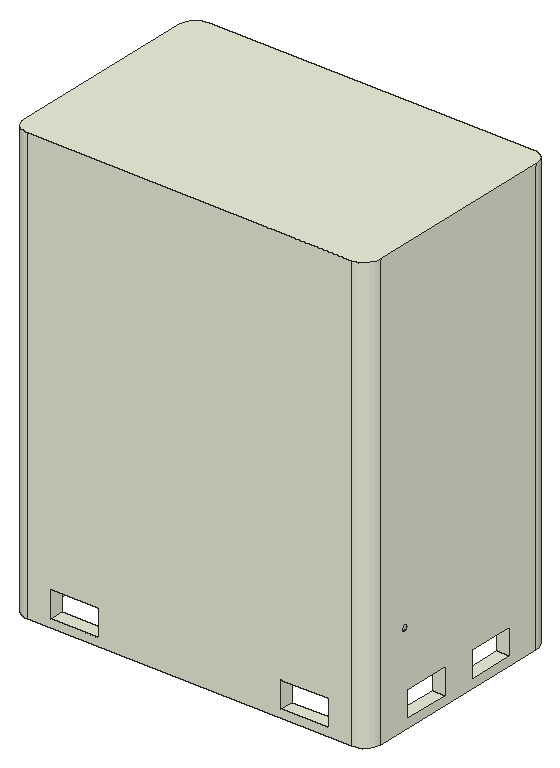
Revit family "Trane_TVR_Outdoor_4TVH0140(155)EE000AA_380~415V(50_60Hz)", category Equipamento mecânico, Revit 2019
Family settings
  Cota do conector redondo = Utilizar diâmetro
  Tipo de parte = Normal
  Número OmniClass = 23.75.00.00
  Título OmniClass = Climate Control (HVAC)
  Com base no plano de trabalho = Não
  Sempre na vertical = Sim
  Corte com vazios quando carregada = Não
  Compartilhado = Não
  Ponto de cálculo do ambiente = Não
Parameters (values of type "4TVH0140EE000AA")
  clearance access right = 1000.000 mm
  clearance access left = 1000.000 mm
  clearance access front = 1000.000 mm
  clearance access behind = 1000.000 mm
  clearance [instance] = yes
  Width = 1340.000 mm
  URL = "https://www.trane.com/commercial/latin-america/br/pt.html"
  Series = "ULTRA"
  Power supply = "380-415V 3N~50Hz/60Hz"
  Net Weight = 277.00 kg
  Modelo = "4TVH0140EE000AA"
  Minimum Circuit Amps = 33.1 A
  Maximum Fuse Amps = 40 A
  Fabricante = "Trane"
  Machine material = Galvanized Steel
  Liquid pipe = 15.900 mm
  Installation = "Outdoor installation"
  Height = 1635.000 mm
  Heating Power Input = 8.47 kW
  Heating Capacity = 40.00 kW
  Gas pipe = 31.800 mm
  Gas = "R410A"
  Descrição = "High efficiency air cooled"
  Depth = 850.000 mm
  Cooling Power Input = 8.70 kW
  Cooling Capacity = 40.00 kW
  Condensation = "Air"
  Compressor = "1"
  Casing color = "white"
  Air Flow = 13000.00 m³/h
Types (3, lengths in mm): name | URL | Modelo | Maximum Fuse Amps | Heating Power Input | Heating Capacity | Cooling Power Input | Cooling Capacity
  (no name) | "https://www.trane.com/commercial/latin-america/br/pt.html" | "4TVH0140EE000AA" | 40 A | 8.47 kW | 40.00 kW | 8.70 kW | 40.00 kW
  4TVH0140EE000AA | "https://www.trane.com/commercial/latin-america/br/pt.html" | "4TVH0140EE000AA" | 40 A | 8.47 kW | 40.00 kW | 8.70 kW | 40.00 kW
  4TVH0155EE000AA | "https://www.trane.com" | "4TVH0155EE000AA" | 45 A | 9.62 kW | 45.00 kW | 10.27 kW | 45.00 kW
Reference planes
  plane 1 "Center (Front/Back)": y = 0
  plane 2: z = 0
  plane 3 "Center (Left/Right)": x = 0
  plane 4: z = 300
  plane 5: z = 817.5
  plane 6: z = 1635
Forms (mm)
  Extrusion 1, solid, material "Galvanized Steel" <- "Machine material", detail levels medium+fine
    sketch origin (0, 0, 0) x (1, 0, 0) y (0, 1, 0)
      loop
        arc (-610, 425) -> (-652.426, 407.426) -> (-670, 365) r 60
        line (-670, 365) -> (-670, -365)
        arc (-670, -365) -> (-652.426, -407.426) -> (-610, -425) r 60
        line (-610, -425) -> (610, -425)
        arc (610, -425) -> (652.426, -407.426) -> (670, -365) r 60
        line (670, -365) -> (670, 365)
        arc (670, 365) -> (652.426, 407.426) -> (610, 425) r 60
        line (610, 425) -> (-610, 425)
    from 0 to 1635
  Extrusion 2, solid, detail levels fine
    sketch origin (495, 195, 1219.2) x (0, 1, 0) y (0, 0, -1)
      loop
        circle (-450.462, 875.013) r 10
    from -175 to -147.789
  Extrusion 3, solid, detail levels fine
    sketch origin (0, 425, 805.574) x (0, 0, -1) y (1, 0, 0)
      loop
        circle (582.613, 496.21) r 7.95
    from 0 to 25
  Extrusion 4, solid, detail levels fine
    sketch origin (0, 425, 805.574) x (0, 0, -1) y (1, 0, 0)
      loop
        circle (584.943, 464.563) r 15.9
    from 0 to 25
  Extrusion 5, void
    sketch origin (0, 0, 0) x (1, 0, 0) y (0, 1, 0)
      loop
        line (621.272, -373.358) -> (621.272, 360) -> (-611.813, 360) -> (-611.813, -373.358) -> (621.272, -373.358)
    from 0 to 167.413
  Extrusion 6, void
    sketch origin (-215, -425, 1219.2) x (-1, 0, 0) y (0, 0, -1)
      loop
        line (308.171, 1088.007) -> (308.171, 1188.007) -> (128.171, 1188.007) -> (128.171, 1088.007) -> (308.171, 1088.007)
      loop
        line (-558.171, 1088.007) -> (-558.171, 1188.007) -> (-738.171, 1188.007) -> (-738.171, 1088.007) -> (-558.171, 1088.007)
    from -850 to 0
  Extrusion 7, void
    sketch origin (670, -655, 1219.2) x (0, -1, 0) y (0, 0, -1)
      loop
        line (-414.008, 1088.007) -> (-414.008, 1188.007) -> (-594.008, 1188.007) -> (-594.008, 1088.007) -> (-414.008, 1088.007)
      loop
        line (-715.992, 1088.007) -> (-715.992, 1188.007) -> (-895.992, 1188.007) -> (-895.992, 1088.007) -> (-715.992, 1088.007)
    from -1340 to 0
Cuts and joins
  Extrusion 5, Extrusion 6, Extrusion 7 cuts Extrusion 1
Lines and regions (mm)
  model lines
    curve 1: line (-587.789, 425, 1635) -> (587.789, 425, 1635)
    curve 2: line (670, 342.789, 1635) -> (670, -342.789, 1635)
    curve 3: line (587.789, -425, 1635) -> (-587.789, -425, 1635)
    curve 224: line (-670, 425, 1335) -> (-670, 425, 300)
    curve 225: line (-670, -425, 300) -> (-670, -425, 1335)
    curve 226: line (670, -425, 1335) -> (670, -425, 300)
    curve 227: line (670, 425, 300) -> (670, 425, 1335)
    curve 288: line (-670, 342.789, 0) -> (-587.789, 425, 0)
    curve 289: line (-587.789, 425, 0) -> (587.789, 425, 0)
    curve 290: line (587.789, 425, 0) -> (670, 342.789, 0)
    curve 291: line (670, 342.789, 0) -> (670, -342.789, 0)
    curve 292: line (670, -342.789, 0) -> (587.789, -425, 0)
    curve 293: line (587.789, -425, 0) -> (-587.789, -425, 0)
    curve 294: line (-587.789, -425, 0) -> (-670, -342.789, 0)
    curve 295: line (-670, -342.789, 0) -> (-670, 342.789, 0)
    curve 296: line (-670, 342.789, 1635) -> (-670, -342.789, 1635)
  model lines, detail levels fine
    curve 4: line (415, 395, 1348) -> (-415, 395, 1348)
    curve 21: line (-587.789, 425, 1163.147) -> (587.789, 425, 1163.147)
    curve 22: line (-587.789, 425, 763.147) -> (587.789, 425, 763.147)
    curve 23: line (523.171, 425, 238.294) -> (435.748, 425, 363.147)
    curve 24: line (-587.789, 425, 363.147) -> (587.789, 425, 363.147)
    curve 25: line (-587.789, 425, 0) -> (-587.789, 425, 1635)
    curve 26: line (587.789, 425, 1635) -> (587.789, 425, 0)
    curve 27: line (-670, -234.7, 1323.426) -> (-670, -54.7, 1323.426)
    curve 28: line (-670, -54.7, 1323.426) -> (-670, 0, 1268.726)
    curve 29: line (-670, 0, 1268.726) -> (-670, -180, 1268.726)
    curve 30: line (-670, -180, 1268.726) -> (-670, -234.7, 1323.426)
    curve 31: line (-670, 25.3, 1323.426) -> (-670, 205.3, 1323.426)
    curve 32: line (-670, 205.3, 1323.426) -> (-670, 260, 1268.726)
    curve 33: line (-670, 260, 1268.726) -> (-670, 80, 1268.726)
    curve 34: line (-670, 80, 1268.726) -> (-670, 25.3, 1323.426)
    curve 35: line (-670, -234.7, 1223.426) -> (-670, -54.7, 1223.426)
    curve 36: line (-670, -54.7, 1223.426) -> (-670, 0, 1168.726)
    curve 37: line (-670, 0, 1168.726) -> (-670, -180, 1168.726)
    curve 38: line (-670, -180, 1168.726) -> (-670, -234.7, 1223.426)
    curve 39: line (-670, 25.3, 1223.426) -> (-670, 205.3, 1223.426)
    curve 40: line (-670, 205.3, 1223.426) -> (-670, 260, 1168.726)
    curve 41: line (-670, 260, 1168.726) -> (-670, 80, 1168.726)
    curve 42: line (-670, 80, 1168.726) -> (-670, 25.3, 1223.426)
    curve 43: line (-670, -234.7, 1123.426) -> (-670, -54.7, 1123.426)
    curve 44: line (-670, -54.7, 1123.426) -> (-670, 0, 1068.726)
    curve 45: line (-670, 0, 1068.726) -> (-670, -180, 1068.726)
    curve 46: line (-670, -180, 1068.726) -> (-670, -234.7, 1123.426)
    curve 47: line (-670, 25.3, 1123.426) -> (-670, 205.3, 1123.426)
    curve 48: line (-670, 205.3, 1123.426) -> (-670, 260, 1068.726)
    curve 49: line (-670, 260, 1068.726) -> (-670, 80, 1068.726)
    curve 50: line (-670, 80, 1068.726) -> (-670, 25.3, 1123.426)
    curve 51: line (-670, -234.7, 1023.426) -> (-670, -54.7, 1023.426)
    curve 52: line (-670, -54.7, 1023.426) -> (-670, 0, 968.726)
    curve 53: line (-670, 0, 968.726) -> (-670, -180, 968.726)
    curve 54: line (-670, -180, 968.726) -> (-670, -234.7, 1023.426)
    curve 55: line (-670, 25.3, 1023.426) -> (-670, 205.3, 1023.426)
    curve 56: line (-670, 205.3, 1023.426) -> (-670, 260, 968.726)
    curve 57: line (-670, 260, 968.726) -> (-670, 80, 968.726)
    curve 58: line (-670, 80, 968.726) -> (-670, 25.3, 1023.426)
    curve 59: line (-670, -234.7, 923.426) -> (-670, -54.7, 923.426)
    curve 60: line (-670, -54.7, 923.426) -> (-670, 0, 868.726)
    curve 61: line (-670, 0, 868.726) -> (-670, -180, 868.726)
    curve 62: line (-670, -180, 868.726) -> (-670, -234.7, 923.426)
    curve 63: line (-670, 25.3, 923.426) -> (-670, 205.3, 923.426)
    curve 64: line (-670, 205.3, 923.426) -> (-670, 260, 868.726)
    curve 65: line (-670, 260, 868.726) -> (-670, 80, 868.726)
    curve 66: line (-670, 80, 868.726) -> (-670, 25.3, 923.426)
    curve 67: line (-670, -234.7, 823.426) -> (-670, -54.7, 823.426)
    curve 68: line (-670, -54.7, 823.426) -> (-670, 0, 768.726)
    curve 69: line (-670, 0, 768.726) -> (-670, -180, 768.726)
    curve 70: line (-670, -180, 768.726) -> (-670, -234.7, 823.426)
    curve 71: line (-670, 25.3, 823.426) -> (-670, 205.3, 823.426)
    curve 72: line (-670, 205.3, 823.426) -> (-670, 260, 768.726)
    curve 73: line (-670, 260, 768.726) -> (-670, 80, 768.726)
    curve 74: line (-670, 80, 768.726) -> (-670, 25.3, 823.426)
    curve 75: line (-670, -234.7, 723.426) -> (-670, -54.7, 723.426)
    curve 76: line (-670, -54.7, 723.426) -> (-670, 0, 668.726)
    curve 77: line (-670, 0, 668.726) -> (-670, -180, 668.726)
    curve 78: line (-670, -180, 668.726) -> (-670, -234.7, 723.426)
    curve 79: line (-670, 25.3, 723.426) -> (-670, 205.3, 723.426)
    curve 80: line (-670, 205.3, 723.426) -> (-670, 260, 668.726)
    curve 81: line (-670, 260, 668.726) -> (-670, 80, 668.726)
    curve 82: line (-670, 80, 668.726) -> (-670, 25.3, 723.426)
    curve 83: line (-670, -234.7, 623.426) -> (-670, -54.7, 623.426)
    curve 84: line (-670, -54.7, 623.426) -> (-670, 0, 568.726)
    curve 85: line (-670, 0, 568.726) -> (-670, -180, 568.726)
    curve 86: line (-670, 205.3, 623.426) -> (-670, 260, 568.726)
    curve 87: line (-670, 260, 568.726) -> (-670, 80, 568.726)
    curve 88: line (-670, 80, 568.726) -> (-670, 25.3, 623.426)
    curve 89: line (-670, -234.7, 523.426) -> (-670, -54.7, 523.426)
    curve 90: line (-670, -54.7, 523.426) -> (-670, 0, 468.726)
    curve 91: line (-670, 0, 468.726) -> (-670, -180, 468.726)
    curve 92: line (-670, 25.3, 523.426) -> (-670, 205.3, 523.426)
    curve 93: line (-670, 205.3, 523.426) -> (-670, 260, 468.726)
    curve 94: line (-670, 260, 468.726) -> (-670, 80, 468.726)
    curve 95: line (-670, 80, 468.726) -> (-670, 25.3, 523.426)
    curve 96: line (-670, -234.7, 423.426) -> (-670, -54.7, 423.426)
    curve 97: line (-670, -54.7, 423.426) -> (-670, 0, 368.726)
    curve 98: line (-670, 0, 368.726) -> (-670, -180, 368.726)
    curve 99: line (-670, -180, 368.726) -> (-670, -234.7, 423.426)
    curve 100: line (-670, 25.3, 423.426) -> (-670, 205.3, 423.426)
    curve 101: line (-670, 205.3, 423.426) -> (-670, 260, 368.726)
    curve 102: line (-670, 260, 368.726) -> (-670, 80, 368.726)
    curve 103: line (-670, 80, 368.726) -> (-670, 25.3, 423.426)
    curve 104: line (-670, -234.7, 323.426) -> (-670, -54.7, 323.426)
    curve 105: line (-670, -54.7, 323.426) -> (-670, 0, 268.726)
    curve 106: line (-670, -180, 268.726) -> (-670, -234.7, 323.426)
    curve 107: line (-670, 25.3, 323.426) -> (-670, 205.3, 323.426)
    curve 108: line (-670, 205.3, 323.426) -> (-670, 260, 268.726)
    curve 109: line (-670, 80, 268.726) -> (-670, 25.3, 323.426)
    curve 110: line (-670, 0, 1595) -> (-670, 300, 1595)
    curve 111: line (-670, 300, 1595) -> (-670, 300, 1390)
    curve 112: line (-670, 300, 1390) -> (-670, 0, 1390)
    curve 113: line (-670, 0, 1595) -> (-670, -300, 1595)
    curve 114: line (-670, -300, 1595) -> (-670, -300, 1390)
    curve 115: line (-670, -300, 1390) -> (-670, 0, 1390)
    curve 116: line (-670, -340, 1360) -> (-670, 0, 1360)
    curve 117: line (-670, 360, 1360) -> (-670, 0, 1360)
    curve 118: line (670, -234.7, 1323.426) -> (670, -54.7, 1323.426)
    curve 119: line (670, -54.7, 1323.426) -> (670, 0, 1268.726)
    curve 120: line (670, 0, 1268.726) -> (670, -180, 1268.726)
    curve 121: line (670, -180, 1268.726) -> (670, -234.7, 1323.426)
    curve 122: line (670, 25.3, 1323.426) -> (670, 205.3, 1323.426)
    curve 123: line (670, 205.3, 1323.426) -> (670, 260, 1268.726)
    curve 124: line (670, 260, 1268.726) -> (670, 80, 1268.726)
    curve 125: line (670, 80, 1268.726) -> (670, 25.3, 1323.426)
    curve 126: line (670, -234.7, 1223.426) -> (670, -54.7, 1223.426)
    curve 127: line (670, -54.7, 1223.426) -> (670, 0, 1168.726)
    curve 128: line (670, 0, 1168.726) -> (670, -180, 1168.726)
    curve 129: line (670, -180, 1168.726) -> (670, -234.7, 1223.426)
    curve 130: line (670, 25.3, 1223.426) -> (670, 205.3, 1223.426)
    curve 131: line (670, 205.3, 1223.426) -> (670, 260, 1168.726)
    curve 132: line (670, 260, 1168.726) -> (670, 80, 1168.726)
    curve 133: line (670, 80, 1168.726) -> (670, 25.3, 1223.426)
    curve 134: line (670, -234.7, 1123.426) -> (670, -54.7, 1123.426)
    curve 135: line (670, -54.7, 1123.426) -> (670, 0, 1068.726)
    curve 136: line (670, 0, 1068.726) -> (670, -180, 1068.726)
    curve 137: line (670, -180, 1068.726) -> (670, -234.7, 1123.426)
    curve 138: line (670, 25.3, 1123.426) -> (670, 205.3, 1123.426)
    curve 139: line (670, 205.3, 1123.426) -> (670, 260, 1068.726)
    curve 140: line (670, 260, 1068.726) -> (670, 80, 1068.726)
    curve 141: line (670, 80, 1068.726) -> (670, 25.3, 1123.426)
    curve 142: line (670, -234.7, 1023.426) -> (670, -54.7, 1023.426)
    curve 143: line (670, -54.7, 1023.426) -> (670, 0, 968.726)
    curve 144: line (670, 0, 968.726) -> (670, -180, 968.726)
    curve 145: line (670, -180, 968.726) -> (670, -234.7, 1023.426)
    curve 146: line (670, 25.3, 1023.426) -> (670, 205.3, 1023.426)
    curve 147: line (670, 205.3, 1023.426) -> (670, 260, 968.726)
    curve 148: line (670, 260, 968.726) -> (670, 80, 968.726)
    curve 149: line (670, 80, 968.726) -> (670, 25.3, 1023.426)
    curve 150: line (670, -234.7, 923.426) -> (670, -54.7, 923.426)
    curve 151: line (670, -54.7, 923.426) -> (670, 0, 868.726)
    curve 152: line (670, 0, 868.726) -> (670, -180, 868.726)
    curve 153: line (670, -180, 868.726) -> (670, -234.7, 923.426)
    curve 154: line (670, 25.3, 923.426) -> (670, 205.3, 923.426)
    curve 155: line (670, 205.3, 923.426) -> (670, 260, 868.726)
    curve 156: line (670, 260, 868.726) -> (670, 80, 868.726)
    curve 157: line (670, 80, 868.726) -> (670, 25.3, 923.426)
    curve 158: line (670, -234.7, 823.426) -> (670, -54.7, 823.426)
    curve 159: line (670, -54.7, 823.426) -> (670, 0, 768.726)
    curve 160: line (670, 0, 768.726) -> (670, -180, 768.726)
    curve 161: line (670, -180, 768.726) -> (670, -234.7, 823.426)
    curve 162: line (670, 25.3, 823.426) -> (670, 205.3, 823.426)
    curve 163: line (670, 205.3, 823.426) -> (670, 260, 768.726)
    curve 164: line (670, 260, 768.726) -> (670, 80, 768.726)
    curve 165: line (670, 80, 768.726) -> (670, 25.3, 823.426)
    curve 166: line (670, -234.7, 723.426) -> (670, -54.7, 723.426)
    curve 167: line (670, -54.7, 723.426) -> (670, 0, 668.726)
    curve 168: line (670, 0, 668.726) -> (670, -180, 668.726)
    curve 169: line (670, -180, 668.726) -> (670, -234.7, 723.426)
    curve 170: line (670, 25.3, 723.426) -> (670, 205.3, 723.426)
    curve 171: line (670, 205.3, 723.426) -> (670, 260, 668.726)
    curve 172: line (670, 260, 668.726) -> (670, 80, 668.726)
    curve 173: line (670, 80, 668.726) -> (670, 25.3, 723.426)
    curve 174: line (670, -234.7, 623.426) -> (670, -54.7, 623.426)
    curve 175: line (670, -54.7, 623.426) -> (670, 0, 568.726)
    curve 176: line (670, 0, 568.726) -> (670, -180, 568.726)
    curve 177: line (670, 205.3, 623.426) -> (670, 260, 568.726)
    curve 178: line (670, 260, 568.726) -> (670, 80, 568.726)
    curve 179: line (670, 80, 568.726) -> (670, 25.3, 623.426)
    curve 180: line (670, -234.7, 523.426) -> (670, -54.7, 523.426)
    curve 181: line (670, -54.7, 523.426) -> (670, 0, 468.726)
    curve 182: line (670, 0, 468.726) -> (670, -180, 468.726)
    curve 183: line (670, 25.3, 523.426) -> (670, 205.3, 523.426)
    curve 184: line (670, 205.3, 523.426) -> (670, 260, 468.726)
    curve 185: line (670, 260, 468.726) -> (670, 80, 468.726)
    curve 186: line (670, 80, 468.726) -> (670, 25.3, 523.426)
    curve 187: line (670, -234.7, 423.426) -> (670, -54.7, 423.426)
    curve 188: line (670, -54.7, 423.426) -> (670, 0, 368.726)
    curve 189: line (670, 0, 368.726) -> (670, -180, 368.726)
    curve 190: line (670, -180, 368.726) -> (670, -234.7, 423.426)
    curve 191: line (670, 25.3, 423.426) -> (670, 205.3, 423.426)
    curve 192: line (670, 205.3, 423.426) -> (670, 260, 368.726)
    curve 193: line (670, 260, 368.726) -> (670, 80, 368.726)
    curve 194: line (670, 80, 368.726) -> (670, 25.3, 423.426)
    curve 195: line (670, -234.7, 323.426) -> (670, -54.7, 323.426)
    curve 196: line (670, -54.7, 323.426) -> (670, 0, 268.726)
    curve 197: line (670, -180, 268.726) -> (670, -234.7, 323.426)
    curve 198: line (670, 25.3, 323.426) -> (670, 205.3, 323.426)
    curve 199: line (670, 205.3, 323.426) -> (670, 260, 268.726)
    curve 200: line (670, 80, 268.726) -> (670, 25.3, 323.426)
    curve 201: line (670, 0, 1595) -> (670, 300, 1595)
    curve 202: line (670, 300, 1595) -> (670, 300, 1390)
    curve 203: line (670, 300, 1390) -> (670, 0, 1390)
    curve 204: line (670, 0, 1595) -> (670, -300, 1595)
    curve 205: line (670, -300, 1595) -> (670, -300, 1390)
    curve 206: line (670, -300, 1390) -> (670, 0, 1390)
    curve 207: line (670, -340, 300) -> (670, -340, 1360)
    curve 208: line (670, -340, 1360) -> (670, 0, 1360)
    curve 209: line (670, 360, 300) -> (670, 360, 1360)
    curve 210: line (670, 360, 1360) -> (670, 0, 1360)
    curve 211: line (0, 425, 238.294) -> (523.171, 425, 238.294)
    curve 212: line (-670, 0, 268.726) -> (-670, -180, 268.726)
    curve 213: line (-670, 260, 268.726) -> (-670, 80, 268.726)
    curve 214: line (-670, 205.3, 623.426) -> (-670, 25.3, 623.426)
    curve 215: line (-670, -180, 568.726) -> (-670, -234.7, 623.426)
    curve 216: line (-670, -180, 468.726) -> (-670, -234.7, 523.426)
    curve 217: line (670, 205.3, 623.426) -> (670, 25.3, 623.426)
    curve 218: line (670, 0, 268.726) -> (670, -180, 268.726)
    curve 219: line (670, 260, 268.726) -> (670, 80, 268.726)
    curve 220: line (670, -180, 568.726) -> (670, -234.7, 623.426)
    curve 221: line (670, -180, 468.726) -> (670, -234.7, 523.426)
    curve 222: line (-670, 342.789, 0) -> (-670, 342.789, 1635)
    curve 223: line (-670, -342.789, 1635) -> (-670, -342.789, 0)
    curve 228: line (670, -342.789, 1635) -> (670, -342.789, 0)
    curve 229: line (670, 342.789, 0) -> (670, 342.789, 1635)
    curve 230: line (-670, -278.861, 1307.587) -> (-670, -312.032, 1307.587)
    curve 231: line (-670, -278.861, 1040.757) -> (-670, -278.861, 1307.587)
    curve 232: line (-670, -312.032, 1040.757) -> (-670, -278.861, 1040.757)
    curve 233: line (-670, -312.032, 1307.587) -> (-670, -312.032, 1040.757)
    curve 234: line (-670, -278.861, 950.915) -> (-670, -312.032, 950.915)
    curve 235: line (-670, -278.861, 684.085) -> (-670, -278.861, 950.915)
    curve 236: line (-670, -312.032, 684.085) -> (-670, -278.861, 684.085)
    curve 237: line (-670, -312.032, 950.915) -> (-670, -312.032, 684.085)
    curve 238: line (-670, -278.861, 327.413) -> (-670, -312.032, 327.413)
    curve 239: line (-670, -278.861, 594.243) -> (-670, -278.861, 327.413)
    curve 240: line (-670, -312.032, 594.243) -> (-670, -278.861, 594.243)
    curve 241: line (-670, -312.032, 327.413) -> (-670, -312.032, 594.243)
    curve 242: line (670, -278.861, 1307.587) -> (670, -312.032, 1307.587)
    curve 243: line (670, -278.861, 1040.757) -> (670, -278.861, 1307.587)
    curve 244: line (670, -312.032, 1040.757) -> (670, -278.861, 1040.757)
    curve 245: line (670, -312.032, 1307.587) -> (670, -312.032, 1040.757)
    curve 246: line (670, -278.861, 950.915) -> (670, -312.032, 950.915)
    curve 247: line (670, -278.861, 684.085) -> (670, -278.861, 950.915)
    curve 248: line (670, -312.032, 684.085) -> (670, -278.861, 684.085)
    curve 249: line (670, -312.032, 950.915) -> (670, -312.032, 684.085)
    curve 250: line (670, -278.861, 327.413) -> (670, -312.032, 327.413)
    curve 251: line (670, -278.861, 594.243) -> (670, -278.861, 327.413)
    curve 252: line (670, -312.032, 594.243) -> (670, -278.861, 594.243)
    curve 253: line (670, -312.032, 327.413) -> (670, -312.032, 594.243)
    curve 254: line (-670, -425, 1335) -> (670, -425, 1335)
    curve 255: line (-670, -425, 823.426) -> (670, -425, 823.426)
    curve 256: line (-670, -425, 300) -> (670, -425, 300)
    curve 257: line (-587.789, -425, 1635) -> (-587.789, -425, 0)
    curve 258: line (587.789, -425, 1635) -> (587.789, -425, 0)
    curve 259: line (395, 425, 1380.284) -> (395, 425, 143.625)
    curve 260: line (140, 425, 143.625) -> (140, 425, 1380.284)
    curve 261: line (-395, 425, 1380.284) -> (-395, 425, 143.625)
    curve 262: line (-140, 425, 143.625) -> (-140, 425, 1380.284)
    curve 263: line (-523.171, 425, 238.294) -> (-435.748, 425, 363.147)
    curve 264: line (0, 425, 238.294) -> (-523.171, 425, 238.294)
    curve 265: line (-523.171, 425, 488) -> (-435.748, 425, 363.147)
    curve 266: line (0, 425, 488) -> (-523.171, 425, 488)
    curve 267: line (523.171, 425, 488) -> (435.748, 425, 363.147)
    curve 268: line (0, 425, 488) -> (523.171, 425, 488)
    curve 269: line (523.171, 425, 638.294) -> (435.748, 425, 763.147)
    curve 270: line (0, 425, 638.294) -> (523.171, 425, 638.294)
    curve 271: line (-523.171, 425, 638.294) -> (-435.748, 425, 763.147)
    curve 272: line (0, 425, 638.294) -> (-523.171, 425, 638.294)
    curve 273: line (-523.171, 425, 888) -> (-435.748, 425, 763.147)
    curve 274: line (0, 425, 888) -> (-523.171, 425, 888)
    curve 275: line (523.171, 425, 888) -> (435.748, 425, 763.147)
    curve 276: line (0, 425, 888) -> (523.171, 425, 888)
    curve 277: line (523.171, 425, 1038.294) -> (435.748, 425, 1163.147)
    curve 278: line (0, 425, 1038.294) -> (523.171, 425, 1038.294)
    curve 279: line (-523.171, 425, 1038.294) -> (-435.748, 425, 1163.147)
    curve 280: line (0, 425, 1038.294) -> (-523.171, 425, 1038.294)
    curve 281: line (-523.171, 425, 1288) -> (-435.748, 425, 1163.147)
    curve 282: line (0, 425, 1288) -> (-523.171, 425, 1288)
    curve 283: line (523.171, 425, 1288) -> (435.748, 425, 1163.147)
    curve 284: line (0, 425, 1288) -> (523.171, 425, 1288)
    curve 285: line (-587.789, 425, 1443.147) -> (587.789, 425, 1443.147)
    curve 286: line (-587.789, 425, 140.498) -> (587.789, 425, 140.498)
    curve 287: line (-587.789, 425, 1380.284) -> (587.789, 425, 1380.284)
  model lines, detail levels medium+fine
    curve 5: line (0, 0, 1635) -> (254.558, 254.558, 1635)
    curve 6: line (254.558, 254.558, 1635) -> (0, 0, 1635)
    curve 7: line (0, 0, 1635) -> (-254.558, -254.558, 1635)
    curve 8: line (-254.558, -254.558, 1635) -> (0, 0, 1635)
    curve 9: line (0, 0, 1635) -> (254.558, -254.558, 1635)
    curve 10: line (254.558, -254.558, 1635) -> (0, 0, 1635)
    curve 11: line (0, 0, 1635) -> (-254.558, 254.558, 1635)
    curve 12: circle (0, 0, 1635) r 40 normal (0, 0, 1)
    curve 13: circle (0, 0, 1635) r 80 normal (0, 0, 1)
    curve 14: circle (0, 0, 1635) r 120 normal (0, 0, 1)
    curve 15: circle (0, 0, 1635) r 160 normal (0, 0, 1)
    curve 16: circle (0, 0, 1635) r 200 normal (0, 0, 1)
    curve 17: circle (0, 0, 1635) r 240 normal (0, 0, 1)
    curve 18: circle (0, 0, 1635) r 280 normal (0, 0, 1)
    curve 19: circle (0, 0, 1635) r 320 normal (0, 0, 1)
    curve 20: circle (0, 0, 1635) r 360 normal (0, 0, 1)
Dimensions and locks
  aligned and locked: level to plane 2
Connectors
  electrical at (670, -255.462, 344.187)
    settings: on Extrusion 2, index 1, voltage 0 V, apparent load 0 VA, apparent load phase1 0 VA, apparent load phase2 0 VA, apparent load phase3 0 VA, power factor 1, load classification "Other", number of poles 1, system type 31, power factor state 1, is connector primary yes, connector utility no, sub classification motor no, connector description "The location of  electrical connectors is not the same as the actual location because the wiring terminal is inside the unit."
  piping at (496.21, 425, 222.96), diameter 15.9
    settings: on Extrusion 3, index 2, connector inside diameter 0.62598", connector length 0.000 mm, flow factor 0, pipe flow 0 GPM, pressure drop 0.00 psi, fitting loss kfactor 0, connector angle 0.00°, fixture units 0, engagement length 0.000 mm, angle of deflection 0.00°, flow configuration 0, flow direction 0, fitting loss method 0, system type 7, joint type 0, gender type 0, connector reference index -1, connector utility 0, adjustable connector no, is connector primary yes, connector description "Liquid pipe Φ15.9mm"
  piping at (464.563, 425, 220.63), diameter 31.8
    settings: on Extrusion 4, index 3, connector inside diameter 1.25197", connector length 0.000 mm, flow factor 0, pipe flow 0 GPM, pressure drop 0.00 psi, fitting loss kfactor 0, connector angle 0.00°, fixture units 0, engagement length 0.000 mm, angle of deflection 0.00°, flow configuration 0, flow direction 0, fitting loss method 0, system type 7, joint type 0, gender type 0, connector reference index -1, connector utility 0, adjustable connector no, is connector primary no, connector description "Gas pipe Φ31.8mm"
